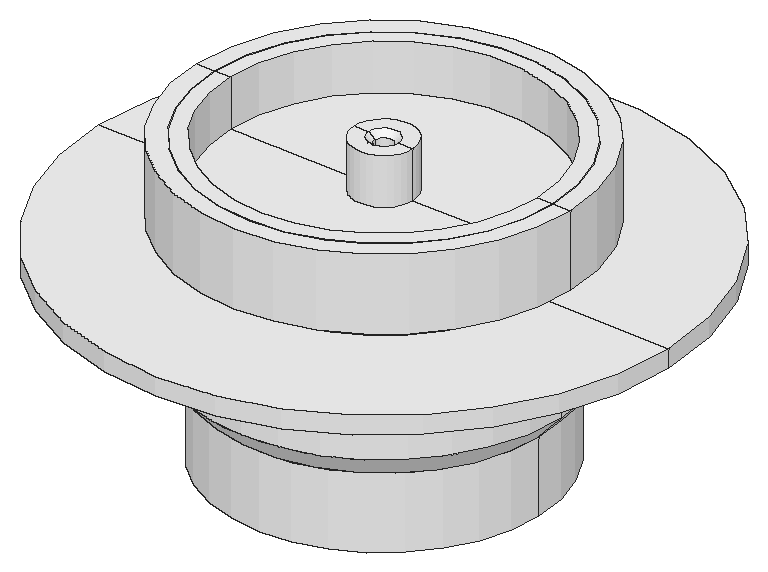
Revit family "Plumbing Fixture-FloorDrain_Mifab_C1100-UR", category Plumbing Fixtures, host Face, Revit 2013
Parameters (values of type "4"")
  WFU = 0
  URL = "WWW.MIFAB.COM"
  Top Assembly Height = 1.250"
  Strainer Radius = Stainer Diameter / 2  # 4.000"
  Stainer Diameter = 8.000"
  Pipe Radius = Pipe Diameter / 2  # 2.000"
  Pipe Diameter = 4.000"
  Model = "C1100-UR"
  Manufacturer = "MIFAB"
  Floor Drain Material = Paint - Sherwin Williams Paint - #952C2A - Bellwood Red
  Description = "FLOOR CLEANOUT FOR TERRAZZO AREAS WITH ROUND ADJUSTABLE COVER AND PLUG"
  Default Elevation = 0.000"
  Body Height = 2.750"
Types (4): name | Pipe Radius | Pipe Diameter
  (no name) | 2.000" | 4.000"
  2" | 1.000" | 2.000"
  3" | 1.500" | 3.000"
  4" | 2.000" | 4.000"
Reference planes (in)
  plane 1 "Center (Front/Back)": y = 0
  plane 2: z = 0
  plane 3 "Center (Left/Right)": x = 0
  plane 4: x = -4
  plane 5: x = 4
  plane 6: z = -4
  plane 7: x = -2
  plane 8: x = 2
  plane 9: z = -1.25
Forms (in)
  Revolve 1, solid, material "Paint - Sherwin Williams Paint - #952C2A - Bellwood Red" <- "Floor Drain Material"
    sketch origin (0, 0, 0) x (1, 0, 0) y (0, 0, 1)
      loop
        line (2.32, -1.5) -> (2.32, -2.51151) -> (2, -2.86151) -> (2, -4) -> (2.18, -4) -> (2.18, -3) -> (2.5, -2.65) -> (2.5, -1.5) -> (4, -1.5) -> (4, -1.25) -> (2.2, -1.25) -> (2.12, -1.33) -> (2.12, -1.42) -> (2.2, -1.5) -> (2.32, -1.5)
      axis (0, -4) -> (0, -1.25)
    angle from 0 to 360
  Revolve 2, solid, material "Paint - Sherwin Williams Paint - #952C2A - Bellwood Red" <- "Floor Drain Material"
    sketch origin (0, 0, 0) x (1, 0, 0) y (0, 0, 1)
      loop
        line (2.05, -0.85) -> (2.05, -2.5) -> (2.12, -2.5) -> (2.2, -2.42) -> (2.2, -1) -> (2.625, -1) -> (2.625, 0) -> (2.375, 0) -> (2.375, -0.85) -> (2.05, -0.85)
      axis (0, 0) -> (0, -2.5)
    angle from 0 to 360
  Revolve 3, solid, material "Paint - Sherwin Williams Paint - #952C2A - Bellwood Red" <- "Floor Drain Material"
    sketch origin (0, 0, 0) x (1, 0, 0) y (0, 0, 1)
      loop
        line (0.205, 0) -> (0.125, -0.08) -> (0.125, -0.5) -> (0, -0.5) -> (0, -0.85) -> (2.05, -0.85) -> (2.375, -0.85) -> (2.375, 0) -> (2.155, 0) -> (2.155, -0.65) -> (0.41, -0.65) -> (0.41, 0) -> (0.205, 0)
      axis (0, 0) -> (0, -0.85)
    angle from 0 to 360
Lines and regions (in)
  symbolic lines
    curve 1: circle (0, 0, 0) r 4 normal (0, 0, 1)
Dimensions and locks (in)
  equal spacing: plane 5, plane 3 "Center (Left/Right)", plane 4
  "Stainer Diameter": plane 5 to plane 4
  "Body Height": plane 9 to plane 6
  equal spacing: plane 8, plane 3 "Center (Left/Right)", plane 7
  "Pipe Diameter": plane 8 to plane 7
  "Top Assembly Height": host face to plane 9
  locked: Revolve 1 sketch curve to Revolve 1 sketch curve at 0.18
  "Strainer Radius": radius of curve 1
  aligned and locked: plane 2 to host face
  aligned and locked: level to host face
  aligned and locked: plane 1 "Center (Front/Back)" to curve 1
  aligned and locked: plane 3 "Center (Left/Right)" to curve 1
  aligned and locked: plane 5 to Revolve 1 sketch curve
  aligned and locked: Revolve 1 sketch curve to plane 8
  aligned and locked: Revolve 1 sketch curve to plane 9
  aligned and locked: plane 3 "Center (Left/Right)" to Revolve 1 sketch curve
  aligned and locked: Revolve 2 sketch curve to plane 3 "Center (Left/Right)"
  aligned and locked: Revolve 3 sketch curve to plane 3 "Center (Left/Right)"
Automatic sketch dimensions
  host sketch curve to host sketch curve = 96.000"  (x2)
  Revolve 1 sketch curve to plane 6 = 0.000"  (x2)
  Revolve 1 sketch curve to level = 0.000"
  Revolve 1 sketch curve to Revolve 1 sketch curve = 0.080"  (x3)
  Revolve 1 sketch curve to Revolve 1 sketch curve = 0.180"
  Revolve 1 sketch curve to Revolve 1 sketch curve = 1.000"
  Revolve 1 sketch curve to Revolve 1 sketch curve = 0.13849"  (x2)
  plane 6 to Revolve 1 sketch curve = 1.350"
  Revolve 1 sketch curve to plane 9 = 0.250"
  Revolve 1 sketch curve to Revolve 1 sketch curve = 0.000"
  Revolve 1 sketch curve to plane 9 = 0.080"
  Revolve 1 sketch curve to plane 8 = 0.120"
  Revolve 1 sketch curve to plane 8 = 0.320"
  Revolve 2 sketch curve to level = 0.000"  (x2)
  Revolve 2 sketch curve to plane 8 = 0.050"
  Revolve 2 sketch curve to plane 9 = 1.250"
  Revolve 2 sketch curve to Revolve 2 sketch curve = 0.070"
  Revolve 2 sketch curve to Revolve 2 sketch curve = 0.080"  (x2)
  Revolve 2 sketch curve to Revolve 2 sketch curve = 0.175"
  Revolve 2 sketch curve to Revolve 2 sketch curve = 0.250"
  plane 9 to Revolve 2 sketch curve = 0.250"
  Revolve 2 sketch curve to Revolve 2 sketch curve = 0.150"
  Revolve 2 sketch curve to plane 6 = 0.55904"
  Revolve 3 sketch curve to plane 3 "Center (Left/Right)" = 0.000"
  Revolve 3 sketch curve to level = 0.000"  (x2)
  Revolve 3 sketch curve to plane 8 = 0.050"
  plane 9 to Revolve 3 sketch curve = 0.400"
  plane 3 "Center (Left/Right)" to Revolve 3 sketch curve = 0.125"
  Revolve 3 sketch curve to Revolve 3 sketch curve = 0.080"
  Revolve 3 sketch curve to Revolve 3 sketch curve = 0.285"
  Revolve 3 sketch curve to plane 8 = 0.155"
  Revolve 3 sketch curve to Revolve 3 sketch curve = 0.220"
  Revolve 3 sketch curve to Revolve 3 sketch curve = 0.200"
  Revolve 3 sketch curve to Revolve 3 sketch curve = 0.350"
  Revolve 3 sketch curve to level = 0.080"
  Revolve 3 sketch curve to plane 6 = 0.18666"
  level to Revolve 3 sketch curve = 0.56334"
  plane 1 "Center (Front/Back)" to curve 1 = 0.000"
  curve 1 to plane 3 "Center (Left/Right)" = 0.000"
Connectors (in)
  piping at (0, 0, -4), driven by "Pipe Radius"
    settings: on Revolve 1, index 1, connector radius 2", flow factor 0, pipe flow 0 GPM, pressure drop 0.00 psi, fitting loss kfactor 0, connector angle 0.00°, fixture units 0, engagement length 0.000", flow configuration 0, flow direction 0, fitting loss method 0, system type 7, joint type 0, gender type 0, connector reference index -1, connector utility 0, adjustable connector no, is connector primary yes, fitting loss table "", connector description ""
